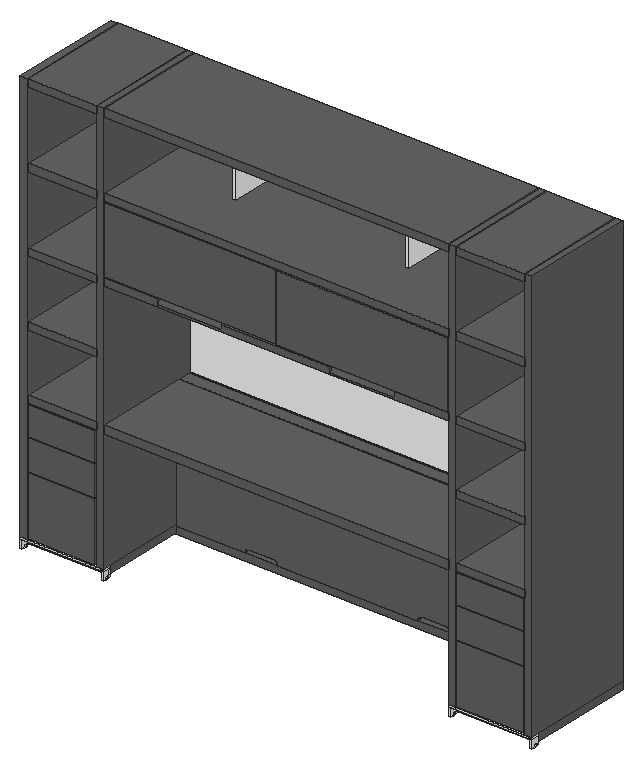
Revit family "Storage-Wall-Teknion-ZXDO_90_High_With_Lights-R2011", category Furniture Systems, Revit 2013
Parameters (values of type "(See Type Catalog)")
  Working Wall Finish [instance] = Glass - Teknion - K6 - White Backpainted
  Width = 108 105/128"
  Warranty = "http://www.teknionstudio.com/pdfs/Teknion%20Studio%20Warranty.pdf"
  Wall Unit Finish [instance] = Veneer - Teknion - P7 - Grey Oak
  Voltage = 120 V
  Unit Weight = 820.00 lbf
  URL = "www.teknionstudio.com"
  Right Storage Tower = Storage-Unit-Teknion-Tower : Upper Shelves & Box/Box/File Pedestal
  Series = "B&B Italia"
  Product Page URL = "http://www.teknionstudio.com/acexecutive/"
  Product Line = "AC Executive"
  Product Documentation Link = "http://www.teknionstudio.com/pricing/ac_executive_storage_walls_ppg.pdf"
  Power Factor = 1
  Part Number = "ZXDO"
  Number of Poles = 1
  Model = ""
  Manufacturer Phone = "919-464-2920"
  Manufacturer Fax = "919-464-2927"
  Manufacturer Email = "customersupport@teknionstudio.com"
  Manufacturer Address = "3940 US 70 Business HWY West, Clayton, NC 27520"
  Manufacturer = "Teknion Studio"  # constant formula
  Low Emitting Material = yes
  Low Emitting Finish = yes
  Left Storage Tower = Storage-Unit-Teknion-Tower : Upper Shelves & Box/Box/File Pedestal
  Height = 89 123/128"
  Description = ""
  Depth = 24"
  Assembly Code = "E2020200"
  Apparent Load = 22.8 VA
Reference planes (in)
  plane 1 "Center F/B": y = 0
  plane 2: z = 0
  plane 3 "Center L/R": x = -8.08916
  plane 4 "Right": x = 46.321
  plane 5 "Back": y = 12
  plane 6 "Front": y = -12
  plane 7 "Doors Top": z = 73.80469
  plane 8: x = 28.60446
  plane 9: z = 29.68402
  plane 10: z = 56.1289
  plane 11: x = -44.78278
  plane 12: z = 2.1289
  plane 13 "Foot Centerline": y = -11.2126
  plane 14 "Foot Centerline Front": y = -10.22835
  plane 15 "Foot Centerline Back": y = 10.22835
  plane 16: y = -8.484
  plane 17 "Top": z = 89.96094
  plane 18 "Left": x = -62.49931
Forms (in)
  Sweep 1, solid, material "Veneer - Teknion - P7 - Grey Oak" <- "Wall Unit Finish"
    path origin (0, 0, 0) x (1, 0, 0) y (0, 0, 1)
      loop
        line (-44.78278, 29.68402) -> (28.60446, 29.68402)
    profile origin (-8.08916, 0, 29.68402) x (0, 0, 1) y (0, -1, 0)
      loop
        line (0, 12) -> (-1.7638, 12) -> (-1.7638, -7.11393) -> (-5.30827, -7.11393) -> (-5.30827, -7.08268) -> (-27.55512, -7.08268) -> (-27.55512, -7.11393) -> (-29.0945, -7.11393) -> (-29.0945, -12) -> (-27.55512, -12) -> (-27.55512, -7.80668) -> (-5.30828, -7.80668) -> (-5.30828, -12) -> (44.12067, -12) -> (44.12067, 12) -> (42.58097, 12) -> (42.58097, 11.2126) -> (27.98392, 11.2126) -> (27.98392, 12) -> (26.44488, 12) -> (26.44488, -10.94094) -> (0, -10.94094) -> (0, -10.90969) -> (-0.72441, -10.90969) -> (-0.72441, -10.56693) -> (0, -10.56693) -> (0, -8.05709) -> (-0.72441, -8.05709) -> (-0.72441, -7.80709) -> (0, -7.80709) -> (0, 12)
      loop
        line (60.27692, 12) -> (58.73755, 12) -> (58.73755, -12) -> (60.27692, -12) -> (60.27692, 12)
  Sweep 2, solid, material "Veneer - Teknion - P7 - Grey Oak" <- "Wall Unit Finish"
    path origin (0, 0, 15.40683) x (-1, 0, 0) y (0, -1, 0)
      loop
        line (8.08916, 12) -> (8.08916, 11.276)
    profile origin (-8.08916, -11.638, 15.40683) x (-1, 0, 0) y (0, 0, 1)
      loop
        line (36.44291, 42.50186) -> (36.44291, 56.60815) -> (0.125, 56.60815) -> (0.125, 42.50186) -> (36.44291, 42.50186)
      loop
        line (-0.125, 56.60815) -> (-36.44305, 56.60815) -> (-36.44305, 42.50186) -> (-0.125, 42.50186) -> (-0.125, 56.60815)
  Sweep 3, void
    path origin (0, 0, 0) x (1, 0, 0) y (0, 0, 1)
      loop
        line (-33.3248, 56.1289) -> (-19.54528, 56.1289)
    profile origin (-26.43504, 0, 56.1289) x (0, 0, 1) y (0, -1, 0)
      loop
        line (1.53937, 12) -> (0.43699, 12) -> (1.53937, 11.52755) -> (1.53937, 12)
  Sweep 4, void
    path origin (0, 0, 0) x (1, 0, 0) y (0, 0, 1)
      loop
        line (3.36882, 56.1289) -> (17.14835, 56.1289)
    profile origin (10.25858, 0, 56.1289) x (0, 0, 1) y (0, -1, 0)
      loop
        line (1.53937, 11.52755) -> (1.53937, 12) -> (0.43699, 12) -> (1.53937, 11.52755)
  Sweep 5, void
    path origin (0, 0, 15.40683) x (-1, 0, 0) y (0, -1, 0)
      loop
        line (8.08916, -7.80668) -> (8.08916, -7.08268)
    profile origin (-8.08916, 7.44468, 15.40683) x (1, 0, 0) y (0, 0, 1)
      loop
        line (21.77165, 8.96892) -> (14.88189, 8.96892) -> (14.88189, 8.10396)
        arc (14.88189, 8.10396) -> (15.11251, 7.54718) -> (15.66929, 7.31655) r 0.7874
        line (15.66929, 7.31655) -> (20.98425, 7.31655)
        arc (20.98425, 7.31655) -> (21.54103, 7.54718) -> (21.77165, 8.10396) r 0.7874
        line (21.77165, 8.10396) -> (21.77165, 8.96892)
      loop
        line (14.88189, -13.27793) -> (21.77165, -13.27793) -> (21.77165, -13.12045)
        arc (21.77165, -13.12045) -> (21.55256, -12.59152) -> (21.02362, -12.37242) r 0.74803
        line (21.02362, -12.37242) -> (15.62992, -12.37242)
        arc (15.62992, -12.37242) -> (15.10098, -12.59152) -> (14.88189, -13.12045) r 0.74803
        line (14.88189, -13.12045) -> (14.88189, -13.27793)
      loop
        line (-21.77165, 8.96892) -> (-21.77165, 8.10396)
        arc (-21.77165, 8.10396) -> (-21.54103, 7.54718) -> (-20.98425, 7.31655) r 0.7874
        line (-20.98425, 7.31655) -> (-15.66929, 7.31655)
        arc (-15.66929, 7.31655) -> (-15.11251, 7.54718) -> (-14.88189, 8.10396) r 0.7874
        line (-14.88189, 8.10396) -> (-14.88189, 8.96892) -> (-21.77165, 8.96892)
      loop
        line (-14.88189, -13.27793) -> (-14.88189, -13.12045)
        arc (-14.88189, -13.12045) -> (-15.10098, -12.59152) -> (-15.62992, -12.37242) r 0.74803
        line (-15.62992, -12.37242) -> (-21.02362, -12.37242)
        arc (-21.02362, -12.37242) -> (-21.55256, -12.59152) -> (-21.77165, -13.12045) r 0.74803
        line (-21.77165, -13.12045) -> (-21.77165, -13.27793) -> (-14.88189, -13.27793)
  Sweep 6, solid, material "Acrylic - Teknion - Clear"
    path origin (1.66728, 0, 16.32084) x (-1, 0, 0) y (0, -1, 0)
      loop
        line (9.75643, -11.25197) -> (9.75643, 0.16535)
    profile origin (-8.08916, 5.54331, 16.32084) x (1, 0, 0) y (0, 0, 1)
      loop
        line (-18.65699, 72.09054) -> (-18.65699, 57.48385) -> (-18.0625, 57.48385) -> (-18.0625, 72.09054) -> (-18.65699, 72.09054)
      loop
        line (18.0625, 72.09054) -> (18.0625, 57.48385) -> (18.65699, 57.48385) -> (18.65699, 72.09054) -> (18.0625, 72.09054)
Cuts and joins
  Sweep 3, Sweep 4, Sweep 5 cuts Sweep 1
Lines and regions (in)
  Masking region 1
    outline origin (0, 0, 15.40683) x (-1, 0, 0) y (0, -1, 0)
      loop
        line (44.78278, -12) -> (44.78278, 12) -> (-28.60446, 12) -> (-28.60446, -12) -> (44.78278, -12)
  symbolic lines, style "Elevation Swing"
    curve 1: line (-44.78278, -12, 57.66827) -> (-26.43568, -12, 72.01499)
    curve 2: line (-8.08823, -12, 57.66794) -> (-26.43568, -12, 72.01499)
    curve 3: line (-8.08823, 0, 57.66794) -> (10.19487, 0, 72.01499)
    curve 4: line (10.19487, 0, 72.01499) -> (28.60446, 0, 57.66827)
  symbolic lines, style "FurnitureSystemsHiddenLines", detail levels fine
    curve 5: line (28.60446, -11.276, 15.40683) -> (-44.78278, -11.276, 15.40683)
Dimensions and locks (in)
  "Width": plane 18 "Left" to plane 4 "Right"
  equal spacing: plane 5 "Back", plane 1 "Center F/B", plane 6 "Front"
  "Depth": plane 5 "Back" to plane 6 "Front"
  locked: plane 8 to plane 4 "Right" at 17.71654
  locked: plane 9 to plane 2 at 29.68402
  locked: plane 10 to plane 9 at 26.44488
  locked: plane 12 to plane 2 at 2.1289
  locked: plane 6 "Front" to plane 13 "Foot Centerline" at 0.7874
  locked: plane 12 to Sweep 1 sketch curve at 1.53939
  locked: plane 9 to Sweep 1 sketch curve at 1.7638
  locked: plane 6 "Front" to Sweep 2 sketch curve at 0.724
  plane 7 "Doors Top" to Sweep 2 sketch curve to Sweep 2 sketch curve = 1.7897" locked, 14.1063" locked  (x2)
  Sweep 2 sketch curve to Sweep 2 sketch curve to plane 3 "Center L/R" to Sweep 2 sketch curve to Sweep 2 sketch curve = 36.31805" locked, 1/8" locked, 1/8" locked, 36.31791" locked
  locked: Sweep 3 sketch curve to Sweep 3 sketch curve at 13.77953
  locked: Sweep 3 sketch curve to plane 10 at 1.53937
  locked: Sweep 3 sketch curve to plane 10 at 0.43699
  locked: plane 6 "Front" to Sweep 3 sketch curve at 0.47245
  Sweep 4 sketch curve to Sweep 4 sketch curve to plane 10 = 1.10238" locked, 0.43699" locked
  locked: plane 6 "Front" to Sweep 4 sketch curve at 0.47245
  locked: Sweep 5 sketch curve to plane 12 at 0.90551  (x2)
  Sweep 5 sketch curve to Sweep 5 sketch curve to plane 3 "Center L/R" = 6.88976" locked, 14.88189" locked  (x2)
  plane 9 to Sweep 5 sketch curve to Sweep 5 sketch curve = 5.30827" locked, 1 167/256" locked  (x2)
  plane 5 "Back" to Sweep 5 sketch curve to Sweep 5 sketch curve = 4.19332" locked, 0.724" locked
  locked: plane 6 "Front" to curve 5 at 0.724
  locked: plane 5 "Back" to plane 15 "Foot Centerline Back" at 1.77165
  locked: plane 6 "Front" to plane 14 "Foot Centerline Front" at 1.77165
  locked: plane 6 "Front" to plane 16 at 3.516
  locked: Sweep 5 sketch curve to Sweep 5 sketch curve at 6.88976  (x2)
  locked: Sweep 5 sketch curve to plane 3 "Center L/R" at 14.88189
  locked: plane 3 "Center L/R" to Sweep 5 sketch curve at 14.88189
  locked: plane 17 "Top" to plane 7 "Doors Top" at 16.15625
  "Height": plane 17 "Top" to plane 2
  locked: Sweep 6 sketch curve to Sweep 6 sketch curve at 11.41732
  locked: Sweep 6 sketch curve to Sweep 6 sketch curve at 0.59449  (x2)
  locked: plane 5 "Back" to Sweep 6 sketch curve at 0.74803
  Sweep 6 sketch curve to plane 3 "Center L/R" to Sweep 6 sketch curve = 18 1/16" locked, 18 1/16" locked
  locked: plane 17 "Top" to Sweep 1 sketch curve at 1.53937
  locked: plane 7 "Doors Top" to Sweep 1 sketch curve at 1.5397
  locked: Sweep 1 sketch curve to plane 10 at 1.53904
  locked: plane 18 "Left" to plane 11 at 17.71654
  equal spacing: plane 11, plane 3 "Center L/R", plane 8
  plane 8 to Sweep 4 sketch curve to Sweep 4 sketch curve = 11.45612" locked, 13.77953" locked
  locked: curve 2 to plane 11 at 18.3471
  locked: plane 8 to curve 4 at 18.4096
  aligned and locked: level to plane 2
  aligned and locked: nested 1 to plane 4 "Right"
  aligned and locked: plane 11 to Sweep 1 sketch curve
  aligned and locked: plane 8 to Sweep 1 sketch curve
  aligned and locked: Sweep 1 sketch curve to plane 9  (x4)
  aligned and locked: Sweep 1 sketch curve to plane 6 "Front"
  aligned and locked: plane 5 "Back" to Sweep 1 sketch curve
  aligned and locked: plane 3 "Center L/R" to Sweep 2 sketch curve
  aligned and locked: plane 6 "Front" to Sweep 2 sketch curve
  aligned and locked: Sweep 1 sketch curve to plane 10
  aligned and locked: Sweep 3 sketch curve to plane 10
  aligned and locked: Sweep 4 sketch curve to plane 10
  aligned and locked: Sweep 4 sketch curve to plane 6 "Front"
  aligned and locked: Sweep 5 sketch curve to plane 3 "Center L/R"
  aligned and locked: Sweep 5 sketch curve to plane 12
  aligned and locked: plane 11 to curve 1
  aligned and locked: Sweep 2 to curve 2
  aligned and locked: plane 8 to curve 4
  aligned and locked: Masking region 1 sketch curve to plane 5 "Back"
  aligned and locked: Masking region 1 sketch curve to plane 6 "Front"
  aligned and locked: Masking region 1 sketch curve to nested 1
  aligned and locked: plane 8 to curve 5
  aligned and locked: plane 6 "Front" to Sweep 3 sketch curve
  aligned and locked: Sweep 1 sketch curve to plane 7 "Doors Top"
  aligned and locked: plane 13 "Foot Centerline" to Sweep 1 sketch curve
  aligned and locked: plane 6 "Front" to Sweep 1 sketch curve  (x3)
  aligned and locked: plane 2 to nested 1
  aligned and locked: plane 1 "Center F/B" to nested 1
  aligned: plane 10 to nested 2
  aligned and locked: nested 2 to plane 16
  aligned and locked: plane 10 to nested 2
  aligned and locked: plane 12 to Sweep 5 sketch curve
  aligned and locked: Sweep 6 sketch curve to plane 3 "Center L/R"
  aligned and locked: plane 7 "Doors Top" to Sweep 6 sketch curve  (x2)
  aligned and locked: Sweep 1 sketch curve to plane 5 "Back"  (x2)
  aligned and locked: plane 17 "Top" to Sweep 1 sketch curve
  aligned and locked: plane 11 to Masking region 1 sketch curve
  aligned and locked: nested 3 to plane 18 "Left"
  aligned and locked: Sweep 1 sketch curve to plane 12
Automatic sketch dimensions
  curve 5 to plane 11 = 0"
  Sweep 5 sketch curve to Sweep 5 sketch curve = 0.74803"  (x4)
  Sweep 5 sketch curve to Sweep 5 sketch curve = 0.7874"  (x4)
  Sweep 6 sketch curve to Sweep 6 sketch curve = 14.60669"  (x2)
  plane 3 "Center L/R" to curve 2 = 0.00093"
  plane 10 to curve 1 = 1.53937"
  plane 10 to curve 2 = 1.53904"
  curve 4 to plane 7 "Doors Top" = 1.7897"
  plane 3 "Center L/R" to curve 3 = 0.00093"
  plane 10 to curve 4 = 1.53937"
  plane 10 to curve 3 = 1.53904"
  Sweep 1 sketch curve to Sweep 1 sketch curve = 1.53939"
  Sweep 1 sketch curve to Sweep 1 sketch curve = 3.54449"
  Sweep 1 sketch curve to Sweep 1 sketch curve = 0"
  profile plane to Sweep 1 sketch curve = 0.72441"  (x2)
  Sweep 1 sketch curve to Sweep 1 sketch curve = 1.05906"
  Sweep 1 sketch curve to Sweep 1 sketch curve = 1/32"  (x2)
  Sweep 1 sketch curve to Sweep 1 sketch curve = 0.34277"
  Sweep 1 sketch curve to Sweep 1 sketch curve = 2.50984"
  Sweep 1 sketch curve to Sweep 1 sketch curve = 1/4"
  Sweep 1 sketch curve to Sweep 1 sketch curve = 4.19332"
  Sweep 1 sketch curve to Sweep 1 sketch curve = 0.69316"
  Sweep 1 sketch curve to Sweep 1 sketch curve = 0.69275"
Nested families (in)
  nested 1: "Storage-Unit-Teknion-Tower" at (37.46273, 0, 0), type <- "Right Storage Tower", Height <- "Height", type "Upper Shelves & Box/Box/File Pedestal"
    with Height 89 123/128", Has Top Shelf yes, Has Right Leg yes, Has Left Leg yes, Bottom Drawer Height 13.047"
  nested 2: "Lighting-Teknion-Storage_Wall" at (-8.08858, 0.12401, 56.1289), type "Lighting-Teknion-Storage_Wall"
  nested 3: "Storage-Unit-Teknion-Tower" at (-53.64104, 0, 0) x (-1, 0, 0) z (0, 0, 1), type <- "Left Storage Tower", Height <- "Height", type "Upper Shelves & Box/Box/File Pedestal"
    with Height 89 123/128", Has Top Shelf yes, Has Right Leg yes, Has Left Leg yes, Bottom Drawer Height 13.047"
Connectors (in)
  electrical at (-8.08916, 12, 49.09021), driven by "Number of Poles", driven by "Voltage", driven by "Apparent Load", driven by "Power Factor"
    settings: on cut or joined group of Sweep 1, Sweep 3, Sweep 4, Sweep 5, index 1, voltage 120 V, apparent load 0 VA, apparent load phase1 22.8 VA, apparent load phase2 0 VA, apparent load phase3 0 VA, power factor 1, load classification "Other", number of poles 1, system type 31, power factor state 1, is connector primary yes, connector utility no, sub classification motor no, connector description "Electrical Connector"
Definition of nested family "Storage-Unit-Teknion-Tower"
  Parameters (values of type "Upper Wardrobe & Lower Door")
    Width = 17.71654"
    Warranty = "http://www.teknionstudio.com/pdfs/Teknion%20Studio%20Warranty.pdf"
    Wall Unit Finish = Veneer - Teknion - P8 - Light Brushed Oak
    URL = "www.teknionstudio.com"
    Series = "B&B Italia"  # constant formula
    Product Line = "AC Executive"  # constant formula
    Model = ""
    Middle Drawer Height = if(Has Top Drawer, 6.425", 12.719")  # 12.719"
    Manufacturer Phone = "919-464-2920"
    Manufacturer Fax = "919-464-2927"
    Manufacturer Email = "customersupport@teknionstudio.com"
    Manufacturer Address = "3940 US 70 Business HWY West, Clayton, NC 27520"
    Manufacturer = "Teknion Studio"  # constant formula
    Height [instance] = 73.81394"
    Has Top Shelf [instance] = and(Height > 75", Has Shelves)  # no
    Has Top Drawer = no
    Has Top Door = yes
    Has Shelves = no
    Has Right Leg [instance] = yes
    Has Middle Drawer = no
    Has Lower Shelf = yes
    Has Left Leg [instance] = no
    Has Full Wardrobe Door = no
    Has Doors = yes
    Door Projection Symbol = yes
    Description = "Tower Storage Unit"
    Depth = 24"
    Bottom Drawer Height [instance] = if(Has Middle Drawer, 13.047", if(Has Top Drawer, 13.047", if(Has Full Wardrobe Door, (Height - 3.668"), 26.016")))  # 26.016"
    Assembly Code = "E2010200"
  Types (7): name | Middle Drawer Height | Has Top Drawer | Has Top Door | Has Shelves | Has Middle Drawer | Has Lower Shelf | Has Full Wardrobe Door | Has Doors | Door Projection Symbol | Bottom Drawer Height
    Upper Shelves & Lower Door | 12.719" | no | no | yes | no | yes | no | yes | yes | 26.016"
    Upper Shelves & File/File Pedestal | 12.719" | no | no | yes | yes | yes | no | no | no | 13.047"
    Upper Shelves & Box/Box/File Pedestal | 6.425" | yes | no | yes | yes | yes | yes | no | no | 13.047"
    Full Wardrobe | 12.719" | no | no | no | no | no | yes | yes | yes | 70.14594"
    Upper Wardrobe & Lower Door | 12.719" | no | yes | no | no | yes | no | yes | yes | 26.016"
    Upper Wardrobe & File/File Pedestal | 12.719" | no | yes | no | yes | yes | no | no | yes | 13.047"
    Upper Wardrobe & Box/Box/File Pedestal | 6.425" | yes | yes | no | yes | yes | no | no | yes | 13.047"
  Reference planes (in)
    plane 1 "Center F/B": y = 0
    plane 2: z = 0
    plane 3 "Center L/R": x = 0
    plane 4 "Left": x = -8.85827
    plane 5 "Right": x = 8.85827
    plane 6 "Back": y = 12
    plane 7 "Front": y = -12
    plane 8 "Top": z = 73.81394
    plane 9: x = -7.3189
    plane 10: x = 7.3189
    plane 11: z = 2.1289
    plane 12 "Foot Centerline": y = -11.2126
    plane 13: z = 29.68402
    plane 14 "Drawer 1 Top": z = 28.1449
    plane 15 "Drawer 2 Top": z = 40.8639
    plane 16 "Drawer 3 Top": z = 27.89502
    plane 17: z = 42.13677
  Forms (in)
    Sweep 1, solid, material "Metal - Teknion - C6 - Chrome", visible <- "Has Left Leg"
      path origin (0, -12, 0) x (1, 0, 0) y (0, 0, 1)
        loop
          line (-8.85827, 1.7349) -> (-8.85827, 0.05803)
      profile origin (-8.85827, -12, 0.89646) x (0, -1, 0) y (1, 0, 0)
        loop
          line (-1.5748, 0) -> (0, 0) -> (0, 0.394) -> (-1.5748, 0.394) -> (-1.5748, 0)
    Sweep 2, solid, material "Metal - Teknion - C6 - Chrome"
      path origin (0, -12, 0) x (1, 0, 0) y (0, 0, 1)
        loop
          line (-8.85827, 2.1289) -> (8.46427, 2.1289)
      profile origin (-0.197, -12, 2.1289) x (0, 0, 1) y (0, -1, 0)
        loop
          line (-0.394, -1.5748) -> (-0.394, -1.3778) -> (-1.575, -1.3778) -> (-1.575, -1.5748) -> (-0.394, -1.5748)
    Revolve 3, solid, material "Metal - Teknion - C6 - Chrome"
      sketch origin (0, -11.2126, 0) x (0, 0, -1) y (1, 0, 0)
        loop
          line (-0.4911, 8.32677) -> (-0.45173, 8.2874) -> (-0.28492, 8.2874) -> (-0.24555, 8.32677) -> (-0.20618, 8.2874) -> (-0.03937, 8.2874) -> (0, 8.32677) -> (0, 8.66142) -> (-0.4911, 8.66142) -> (-0.4911, 8.32677)
        axis (0, 8.66142) -> (-0.4911, 8.66142)
      angle from 0 to 360
    Revolve 4, solid, material "Metal - Teknion - C6 - Chrome", visible <- "Has Left Leg"
      sketch origin (0, -11.2126, 0) x (0, 0, -1) y (1, 0, 0)
        loop
          line (0, -8.99606) -> (0, -8.66142) -> (-0.4911, -8.66142) -> (-0.4911, -8.99606) -> (-0.45173, -9.03543) -> (-0.28492, -9.03543) -> (-0.24555, -8.99606) -> (-0.20618, -9.03543) -> (-0.03937, -9.03543) -> (0, -8.99606)
        axis (0, -8.66142) -> (-0.4911, -8.66142)
      angle from 0 to 360
    Sweep 5, solid, material "Veneer - Teknion - P8 - Light Brushed Oak" <- "Wall Unit Finish"
      path origin (0, 0, 0) x (1, 0, 0) y (0, 0, 1)
        loop
          line (0, 2.1289) -> (0, 73.81394)
      profile origin (0, 0, 37.97142) x (-1, 0, 0) y (0, -1, 0)
        loop
          line (8.85827, -12) -> (8.85827, 12) -> (7.3189, 12) -> (7.3189, -12) -> (8.85827, -12)
        loop
          line (-7.3189, 12) -> (-8.85827, 12) -> (-8.85827, -12) -> (-7.3189, -12) -> (-7.3189, 12)
    Sweep 6, solid, material "Veneer - Teknion - P8 - Light Brushed Oak" <- "Wall Unit Finish"
      path origin (0, 0, 15.40683) x (-1, 0, 0) y (0, -1, 0)
        loop
          line (0, -12) -> (0, 12)
      profile origin (0, 0, 15.40683) x (1, 0, 0) y (0, 0, 1)
        loop
          line (-7.3189, 58.4071) -> (-7.3189, 56.86773) -> (7.3189, 56.86773) -> (7.3189, 58.4071) -> (-7.3189, 58.4071)
    Sweep 7, solid, material "Veneer - Teknion - P8 - Light Brushed Oak" <- "Wall Unit Finish"
      path origin (0, -12, 0) x (1, 0, 0) y (0, 0, 1)
        loop
          line (0, 2.1289) -> (0, 72.27457)
      profile origin (0, -12, 37.20173) x (-1, 0, 0) y (0, -1, 0)
        loop
          line (7.3189, -24) -> (7.3189, -23.25) -> (-7.3189, -23.25) -> (-7.3189, -24) -> (7.3189, -24)
    Sweep 8, solid, material "Veneer - Teknion - P8 - Light Brushed Oak" <- "Wall Unit Finish", visible <- "Has Lower Shelf"
      path origin (0, -12, 0) x (1, 0, 0) y (0, 0, 1)
        loop
          line (-7.3189, 29.68402) -> (7.3189, 29.68402)
      profile origin (0, -12, 29.68402) x (0, 0, 1) y (0, -1, 0)
        loop
          line (0, 0) -> (-1.539, 0) -> (-1.539, -0.724) -> (-27.55512, -0.724) -> (-27.55512, -23.25) -> (0, -23.25) -> (0, 0)
    Sweep 9, solid, material "Veneer - Teknion - P8 - Light Brushed Oak" <- "Wall Unit Finish"
      path origin (0, -12, 0) x (1, 0, 0) y (0, 0, 1)
        loop
          line (0, 2.3789) -> (0, 27.8949)
      profile origin (0, -12, 15.1369) x (-1, 0, 0) y (0, -1, 0)
        loop
          line (7.0689, -0.724) -> (7.0689, 0) -> (-7.0689, 0) -> (-7.0689, -0.724) -> (7.0689, -0.724)
    Sweep 10, solid, material "Veneer - Teknion - P8 - Light Brushed Oak" <- "Wall Unit Finish", visible <- "Has Middle Drawer"
      path origin (0, -12, 0) x (1, 0, 0) y (0, 0, 1)
        loop
          line (0, 28.1449) -> (0, 40.8639)
      profile origin (0, -12, 34.5044) x (-1, 0, 0) y (0, -1, 0)
        loop
          line (7.0689, -0.724) -> (7.0689, 0) -> (-7.0689, 0) -> (-7.0689, -0.724) -> (7.0689, -0.724)
    Sweep 11, solid, material "Veneer - Teknion - P8 - Light Brushed Oak" <- "Wall Unit Finish", visible <- "Has Top Drawer"
      path origin (0, -12, 0) x (1, 0, 0) y (0, 0, 1)
        loop
          line (0, 47.15802) -> (0, 41.1139)
      profile origin (0, -12, 44.13596) x (0, -1, 0) y (1, 0, 0)
        loop
          line (0, 7.0689) -> (-0.724, 7.0689) -> (-0.724, -7.0689) -> (0, -7.0689) -> (0, 7.0689)
    Sweep 12, solid, material "Veneer - Teknion - P8 - Light Brushed Oak" <- "Wall Unit Finish", visible <- "Has Shelves"
      path origin (0, -12, 0) x (1, 0, 0) y (0, 0, 1)
        loop
          line (0, 42.13677) -> (0, 43.67614)
      profile origin (0, -12, 42.90646) x (-1, 0, 0) y (0, -1, 0)
        loop
          line (7.3189, -23.25) -> (7.3189, 0) -> (-7.3189, 0) -> (-7.3189, -23.25) -> (7.3189, -23.25)
    Sweep 13, solid, material "Veneer - Teknion - P8 - Light Brushed Oak" <- "Wall Unit Finish", visible <- "Has Shelves"
      path origin (0, -12, 13.9918) x (1, 0, 0) y (0, 0, 1)
        loop
          line (0, 42.13677) -> (0, 43.67614)
      profile origin (0, -12, 56.89825) x (-1, 0, 0) y (0, -1, 0)
        loop
          line (7.3189, -23.25) -> (7.3189, 0) -> (-7.3189, 0) -> (-7.3189, -23.25) -> (7.3189, -23.25)
    Sweep 14, solid, material "Veneer - Teknion - P8 - Light Brushed Oak" <- "Wall Unit Finish", visible <- "Has Top Door"
      path origin (0, -12, 0) x (1, 0, 0) y (0, 0, 1)
        loop
          line (0, 29.93402) -> (0, 72.02457)
      profile origin (0, -12, 50.97929) x (-1, 0, 0) y (0, -1, 0)
        loop
          line (7.0689, -0.724) -> (7.0689, 0) -> (-7.0689, 0) -> (-7.0689, -0.724) -> (7.0689, -0.724)
    Sweep 15, solid, material "Veneer - Teknion - P8 - Light Brushed Oak" <- "Wall Unit Finish"
      path origin (0, -12, 0) x (1, 0, 0) y (0, 0, 1)
        loop
          line (-8.85827, 2.1289) -> (8.85827, 2.1289)
      profile origin (0, -12, 2.1289) x (0, 0, 1) y (0, -1, 0)
        loop
          line (0, -1.5748) -> (-1.53937, -1.5748) -> (-1.53937, -24) -> (0, -24) -> (0, -1.5748)
    Sweep 16, solid, material "Veneer - Teknion - P8 - Light Brushed Oak" <- "Wall Unit Finish", visible <- "Has Top Shelf"
      path origin (0, 0, 0) x (1, 0, 0) y (0, 0, 1)
        loop
          line (0, 73.81394) -> (0, 72.27457)
      profile origin (0, 0, 73.04425) x (0, -1, 0) y (1, 0, 0)
        loop
          line (-11.25, -7.3189) -> (12, -7.3189) -> (12, 7.3189) -> (-11.25, 7.3189) -> (-11.25, -7.3189)
    Sweep 17, solid, material "Metal - Teknion - C6 - Chrome"
      path origin (0, 0, 0) x (1, 0, 0) y (0, 0, 1)
        loop
          line (-8.85827, 2.1289) -> (8.85827, 2.1289)
      profile origin (0, 0, 2.1289) x (0, 0, 1) y (0, -1, 0)
        loop
          line (0, 10.4252) -> (0, 12) -> (-0.394, 12) -> (-0.394, 10.4252) -> (0, 10.4252)
    Sweep 18, solid, material "Metal - Teknion - C6 - Chrome"
      path origin (0, 0, 0) x (1, 0, 0) y (0, 0, 1)
        loop
          line (8.85827, 1.7349) -> (8.85827, 0.05803)
      profile origin (8.85827, 0, 0.89646) x (0, -1, 0) y (1, 0, 0)
        loop
          line (10.4252, -0.394) -> (12, -0.394) -> (12, 0) -> (10.4252, 0) -> (10.4252, -0.394)
  Lines and regions (in)
    Masking region 1
      outline origin (0, 0, 15.40683) x (-1, 0, 0) y (0, -1, 0)
        loop
          line (8.85827, -12) -> (8.85827, 12) -> (-8.85827, 12) -> (-8.85827, -12) -> (8.85827, -12)
    symbolic lines, style "FurnitureSystems", detail levels medium+fine
      curve 1: line (-7.3189, 12, 15.40683) -> (-7.3189, -12, 15.40683)
      curve 2: line (7.3189, 12, 15.40683) -> (7.3189, -12, 15.40683)
    symbolic lines, style "FurnitureSystemsHiddenLines", detail levels fine
      curve 3: line (-7.3189, -11.276, 15.40683) -> (7.3189, -11.276, 15.40683)
    symbolic lines, style "Elevation Swing", visible <- "Has Doors"
      curve 4: line (-7.3189, -12, 2.1289) -> (7.3189, -12, 15.1369)
      curve 5: line (7.3189, -12, 15.1369) -> (-7.3189, -12, 28.1449)
    symbolic lines, style "Elevation Swing", visible <- "Has Top Door"
      curve 6: line (-7.3189, -12, 29.68402) -> (7.3189, -12, 50.97929)
      curve 7: line (7.3189, -12, 50.97929) -> (-7.3189, -12, 72.27457)
    symbolic lines, style "FurnitureSystems", visible <- "Door Projection Symbol"
      curve 8: arc (-7.3189, -12, 0) -> (-3.03159, -22.35048, 0) -> (7.3189, -26.6378, 0) r 14.6378
    symbolic lines, visible <- "Door Projection Symbol"
      curve 9: line (7.3189, -12, 15.40683) -> (7.3189, -26.6378, 15.40683)
  Dimensions and locks (in)
    equal spacing: plane 4 "Left", plane 3 "Center L/R", plane 5 "Right"
    "Width": plane 4 "Left" to plane 5 "Right"
    equal spacing: plane 6 "Back", plane 1 "Center F/B", plane 7 "Front"
    "Depth": plane 6 "Back" to plane 7 "Front"
    locked: plane 4 "Left" to plane 9 at 1.53937
    locked: plane 10 to plane 5 "Right" at 1.53937
    "Height": plane 8 "Top" to level
    locked: Sweep 1 sketch curve to level at 0.05803
    locked: plane 11 to plane 2 at 2.1289
    plane 11 to Sweep 2 sketch curve to Sweep 2 sketch curve = 0.394" locked, 1.181" locked
    plane 7 "Front" to Sweep 2 sketch curve to Sweep 2 sketch curve = 1.3778" locked, 0.197" locked
    locked: Revolve 3 sketch curve to plane 2 at 0.4911  (x2)
    locked: plane 5 "Right" to Revolve 3 sketch curve at 0.57087
    locked: plane 7 "Front" to plane 12 "Foot Centerline" at 0.7874
    Revolve 3 sketch curve to Revolve 3 sketch curve to Revolve 3 sketch curve to Revolve 3 sketch curve to plane 2 = 0.16681" locked, 0.07874" locked, 0.16681" locked, 0.03937" locked
    locked: Revolve 4 sketch curve to plane 2 at 0.4911  (x2)
    locked: Revolve 4 sketch curve to Revolve 4 sketch curve at 0.37402
    Revolve 4 sketch curve to Revolve 4 sketch curve to Revolve 4 sketch curve to Revolve 4 sketch curve to plane 2 = 0.16681" locked, 0.07874" locked, 0.16681" locked, 0.03937" locked
    locked: Revolve 4 sketch curve to plane 4 "Left" at 0.19685
    locked: plane 8 "Top" to Sweep 6 sketch curve at 1.53937
    locked: plane 8 "Top" to Sweep 7 sketch curve at 1.53937
    locked: plane 6 "Back" to Sweep 7 sketch curve at 0.75
    locked: plane 13 to plane 2 at 29.68402
    locked: plane 7 "Front" to Sweep 8 sketch curve at 0.724
    locked: plane 13 to Sweep 8 sketch curve at 1.539
    locked: plane 13 to plane 16 "Drawer 3 Top" at 1.789
    "Bottom Drawer Height": plane 14 "Drawer 1 Top" to plane 11
    "Middle Drawer Height": plane 15 "Drawer 2 Top" to plane 14 "Drawer 1 Top"
    locked: plane 14 "Drawer 1 Top" to Sweep 9 sketch curve at 0.25
    locked: plane 7 "Front" to Sweep 9 sketch curve at 0.724
    locked: Sweep 10 sketch curve to plane 12 "Foot Centerline" at 0.0634
    locked: plane 7 "Front" to Sweep 11 sketch curve at 0.724
    locked: plane 17 to plane 13 at 12.45276
    group 1 to group 2 = 0"  (x2)
    group 1 to group 2 = 13.9918"
    locked: Sweep 13 to plane 17 at 13.9918
    locked: plane 8 "Top" to Sweep 14 sketch curve at 1.78937
    locked: Sweep 14 sketch curve to plane 13 at 0.25
    locked: plane 7 "Front" to Sweep 14 sketch curve at 0.724
    locked: plane 11 to Sweep 15 sketch curve at 1.53937
    locked: plane 7 "Front" to Sweep 15 sketch curve at 1.5748
    equal spacing: Sweep 6, curve 7, plane 13
    equal spacing: plane 14 "Drawer 1 Top", curve 5, plane 11
    locked: plane 6 "Back" to Sweep 16 sketch curve at 0.75
    Sweep 16 sketch curve to Sweep 16 sketch curve to plane 2 = 1.53937" locked, 72.27457" locked
    locked: Sweep 9 sketch curve to plane 11 at 0.25
    locked: plane 9 to Sweep 9 sketch curve at 0.25
    locked: Sweep 9 sketch curve to plane 10 at 0.25
    locked: Sweep 11 sketch curve to plane 15 "Drawer 2 Top" at 0.25
    locked: plane 9 to Sweep 11 sketch curve at 0.25
    locked: Sweep 11 sketch curve to plane 10 at 0.25
    locked: Sweep 10 sketch curve to plane 10 at 0.25
    locked: plane 9 to Sweep 10 sketch curve at 0.25
    locked: Sweep 11 sketch curve to Sweep 11 sketch curve at 6.04412
    locked: Sweep 14 sketch curve to plane 10 at 0.25
    locked: plane 9 to Sweep 14 sketch curve at 0.25
    locked: plane 4 "Left" to Sweep 1 sketch curve at 0.394
    locked: plane 7 "Front" to Sweep 1 sketch curve at 1.5748
    locked: plane 11 to Sweep 1 sketch curve at 0.394
    locked: Sweep 17 sketch curve to plane 7 "Front" at 1.5748
    locked: plane 11 to Sweep 17 sketch curve at 0.394
    locked: Sweep 18 sketch curve to plane 2 at 0.05803
    locked: Sweep 18 sketch curve to plane 5 "Right" at 0.394
    locked: plane 7 "Front" to Sweep 18 sketch curve at 1.5748
    locked: plane 11 to Sweep 18 sketch curve at 0.394
    locked: plane 5 "Right" to Sweep 2 sketch curve at 0.394
    aligned and locked: level to plane 2
    aligned and locked: Sweep 1 sketch curve to plane 4 "Left"
    aligned and locked: Sweep 2 sketch curve to plane 11
    aligned and locked: plane 2 to Revolve 3 sketch curve
    aligned and locked: Revolve 3 sketch curve to plane 2
    aligned and locked: plane 2 to Revolve 4 sketch curve
    aligned and locked: Revolve 4 sketch curve to plane 2
    aligned and locked: plane 8 "Top" to Sweep 5 sketch curve
    aligned and locked: plane 11 to Sweep 5 sketch curve
    aligned and locked: plane 3 "Center L/R" to Sweep 5 sketch curve
    aligned and locked: Sweep 5 sketch curve to plane 6 "Back"
    aligned and locked: plane 6 "Back" to Sweep 5 sketch curve
    aligned and locked: Sweep 5 sketch curve to plane 10
    aligned and locked: plane 5 "Right" to Sweep 5 sketch curve
    aligned and locked: Sweep 5 sketch curve to plane 9
    aligned and locked: plane 4 "Left" to Sweep 5 sketch curve
    aligned and locked: Sweep 5 sketch curve to plane 7 "Front"
    aligned and locked: plane 7 "Front" to Sweep 5 sketch curve
    aligned and locked: plane 6 "Back" to Sweep 6 sketch curve
    aligned and locked: plane 7 "Front" to Sweep 6 sketch curve
    aligned and locked: Sweep 6 sketch curve to plane 3 "Center L/R"
    aligned and locked: plane 9 to Sweep 6 sketch curve
    aligned and locked: Sweep 6 sketch curve to plane 8 "Top"
    aligned and locked: Sweep 6 sketch curve to plane 10
    aligned and locked: plane 11 to Sweep 7 sketch curve
    aligned and locked: plane 3 "Center L/R" to Sweep 7 sketch curve
    aligned and locked: plane 9 to Sweep 7 sketch curve
    aligned and locked: Sweep 7 sketch curve to plane 10
    aligned and locked: Sweep 7 sketch curve to plane 6 "Back"
    aligned and locked: plane 9 to Sweep 8 sketch curve
    aligned and locked: plane 10 to Sweep 8 sketch curve
    aligned and locked: Sweep 8 sketch curve to plane 13  (x2)
    aligned and locked: plane 7 "Front" to Sweep 8 sketch curve
    aligned and locked: Sweep 8 sketch curve to plane 11
    aligned and locked: plane 3 "Center L/R" to Sweep 9 sketch curve
    aligned and locked: Sweep 9 sketch curve to plane 7 "Front"
    aligned and locked: plane 15 "Drawer 2 Top" to Sweep 10 sketch curve
    aligned and locked: plane 14 "Drawer 1 Top" to Sweep 10 sketch curve
    aligned and locked: plane 3 "Center L/R" to Sweep 10 sketch curve
    aligned and locked: plane 7 "Front" to Sweep 10 sketch curve
    aligned and locked: Sweep 11 sketch curve to plane 3 "Center L/R"
    aligned and locked: Sweep 11 sketch curve to plane 7 "Front"
    aligned and locked: Sweep 13 to plane 9
    aligned and locked: plane 3 "Center L/R" to Sweep 14 sketch curve
    aligned and locked: Sweep 14 sketch curve to plane 7 "Front"
    aligned and locked: plane 4 "Left" to Sweep 15 sketch curve
    aligned and locked: plane 5 "Right" to Sweep 15 sketch curve
    aligned and locked: Sweep 15 sketch curve to plane 11  (x2)
    aligned and locked: Sweep 15 sketch curve to plane 6 "Back"
    aligned and locked: plane 4 "Left" to Masking region 1 sketch curve
    aligned and locked: Masking region 1 sketch curve to plane 6 "Back"
    aligned and locked: Masking region 1 sketch curve to plane 5 "Right"
    aligned and locked: Masking region 1 sketch curve to plane 7 "Front"
    aligned and locked: plane 6 "Back" to curve 1
    aligned and locked: curve 1 to plane 9
    aligned and locked: plane 7 "Front" to curve 2
    aligned and locked: plane 6 "Back" to curve 2
    aligned and locked: curve 2 to plane 10
    aligned and locked: plane 9 to curve 3
    aligned and locked: plane 10 to curve 3
    aligned and locked: curve 3 to Sweep 14
    aligned and locked: plane 11 to curve 4
    aligned and locked: plane 9 to curve 4
    aligned and locked: plane 10 to curve 5
    aligned and locked: plane 9 to curve 5
    aligned and locked: plane 14 "Drawer 1 Top" to curve 5
    aligned and locked: plane 13 to curve 6
    aligned and locked: plane 9 to curve 6
    aligned and locked: plane 9 to curve 7
    aligned and locked: curve 7 to Sweep 6
    aligned and locked: plane 7 "Front" to curve 8
    aligned and locked: curve 8 to plane 10
    aligned and locked: Sweep 16 sketch curve to plane 3 "Center L/R"
    aligned and locked: plane 9 to Sweep 16 sketch curve
    aligned and locked: Sweep 16 sketch curve to plane 10
    aligned and locked: Sweep 16 sketch curve to plane 7 "Front"
    aligned and locked: plane 4 "Left" to Sweep 17 sketch curve
    aligned and locked: plane 5 "Right" to Sweep 17 sketch curve
    aligned and locked: Sweep 17 sketch curve to plane 11  (x2)
    aligned and locked: Sweep 17 sketch curve to plane 7 "Front"
    aligned and locked: Sweep 18 sketch curve to plane 5 "Right"  (x2)
    aligned and locked: Sweep 18 sketch curve to plane 7 "Front"
    aligned and locked: plane 4 "Left" to Sweep 2 sketch curve
  Automatic sketch dimensions
    Revolve 3 sketch curve to Revolve 3 sketch curve = 0.03937"  (x3)
    Revolve 3 sketch curve to Revolve 3 sketch curve = 0"  (x2)
    Revolve 3 sketch curve to plane 5 "Right" = 0.19685"
    Revolve 4 sketch curve to Revolve 4 sketch curve = 0.03937"  (x3)
    Revolve 4 sketch curve to Revolve 4 sketch curve = 0"  (x2)
    Sweep 12 sketch curve to Sweep 12 sketch curve = 1.53937"
    profile plane to Sweep 12 sketch curve = 0"
    profile plane to Sweep 12 sketch curve = 7.3189"
    Sweep 12 sketch curve to profile plane = 7.3189"
    Sweep 12 sketch curve to profile plane = 23 1/4"
    Sweep 13 sketch curve to Sweep 13 sketch curve = 1.53937"
    profile plane to Sweep 13 sketch curve = 0"
    profile plane to Sweep 13 sketch curve = 7.3189"
    Sweep 13 sketch curve to profile plane = 7.3189"
    Sweep 13 sketch curve to profile plane = 23 1/4"
    Sweep 8 sketch curve to Sweep 8 sketch curve = 22.526"
    curve 7 to plane 10 = 0"
    curve 8 to plane 9 = 0"
    plane 7 "Front" to curve 1 = 0"
    plane 7 "Front" to curve 9 = 14.6378"
    Sweep 1 sketch curve to profile plane = 0"
    plane 7 "Front" to Sweep 1 sketch curve = 0"
Definition of nested family "Lighting-Teknion-Storage_Wall"
  Parameters (values of type "Lighting-Teknion-Storage_Wall")
    Wattage = 4.03926 W
    built-in parameter 1150110 = 1 (stored number, unit not read)
    built-in parameter 1114217 = 1 (stored number, unit not read)
    built-in parameter 1150109 = 1 (stored number, unit not read)
    built-in parameter 1150134 = 1
    built-in parameter 1150113 = 1 (stored number, unit not read)
    Offset From Reference Level = 0"
    Lumens = 600 lm
    built-in parameter 1150115 = 1 (stored number, unit not read)
    built-in parameter 1150105 = 190.99 (stored number, unit not read)
    Light Source Symbol Size = 3"
    built-in parameter 1150137 = (empty or 0)
    built-in parameter 1150139 = (empty or 0)
    built-in parameter 1150112 = 1 (stored number, unit not read)
    built-in parameter 1150114 = 1 (stored number, unit not read)
    built-in parameter 1150132 = 2
    built-in parameter 1150102 = (empty or 0)
    built-in parameter 1150138 = (empty or 0)
    built-in parameter 1150107 = 6500 (stored number, unit not read)
    built-in parameter 1150106 = 1.9099 (stored number, unit not read)
    Emit from Line Length = 68"
    built-in parameter 1150104 = 13.8 (stored number, unit not read)
    Dimming Lamp Color Temperature Shift = 1
    Default Elevation = 48"
    Color Filter = 16776172
    built-in parameter 1114218 = 1 (stored number, unit not read)
    built-in parameter 1150133 = 10 (stored number, unit not read)
    Assembly Code = ""
  Reference planes (in)
    plane 1 "Light Source Axis (F/B)": y = -8.60801
    plane 2: z = 0
    plane 3 "Light Source Axis (L/R)": x = 0
    plane 4 "Light Source Elevation": z = 0
    plane 5: z = 0
    plane 6: x = -36.6875
    plane 7: x = 36.6875
  Forms (in)
    Sweep 1, solid, material "Glass - Teknion - CL - Clear"
      path origin (0, 0, 0) x (1, 0, 0) y (0, 1, 0)
        loop
          line (-36.6875, -8.60801) -> (36.6875, -8.60801)
      profile origin (0, -8.60801, 0) x (0, 1, 0) y (0, 0, 1)
        loop
          line (-0.51562, 0) -> (-0.51562, -0.40625) -> (0.51563, -0.40625) -> (0.51563, 0) -> (-0.51562, 0)
  Dimensions and locks (in)
    equal spacing: plane 7, plane 3 "Light Source Axis (L/R)", plane 6
    locked: plane 7 to plane 6 at 73.375
    locked: plane 5 to Sweep 1 sketch curve at 0.40625
    equal spacing: Sweep 1 sketch curve, plane 1 "Light Source Axis (F/B)", Sweep 1 sketch curve
    locked: Sweep 1 sketch curve to Sweep 1 sketch curve at 1.03125
    aligned and locked: plane 3 "Light Source Axis (L/R)" to imposter light
    aligned and locked: plane 1 "Light Source Axis (F/B)" to imposter light
    aligned and locked: plane 4 "Light Source Elevation" to imposter light
    aligned and locked: level to plane 5
    aligned and locked: plane 5 to plane 2
    aligned and locked: plane 6 to Sweep 1 sketch curve
    aligned and locked: plane 7 to Sweep 1 sketch curve
    aligned and locked: plane 1 "Light Source Axis (F/B)" to Sweep 1 sketch curve
    aligned and locked: Sweep 1 sketch curve to profile plane
